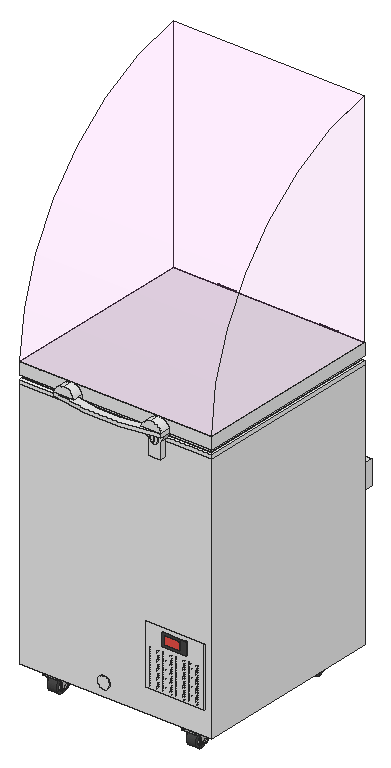
Revit family "QF_Summit_LAB8_Chest_Freezer", category Specialty Equipment, Revit 2020 (continued)
Definition of nested family "LAB8"
  Automatic sketch dimensions
    Extrusion 29 sketch curve to Extrusion 29 sketch curve = 0.04379"
    Extrusion 59 sketch curve to Extrusion 59 sketch curve = 1 3/32"
    Extrusion 59 sketch curve to Extrusion 59 sketch curve = 0.04379"
    Extrusion 60 sketch curve to Extrusion 60 sketch curve = 1 3/32"
    Extrusion 60 sketch curve to Extrusion 60 sketch curve = 0.04379"
    Extrusion 61 sketch curve to Extrusion 61 sketch curve = 1 3/32"
    Extrusion 61 sketch curve to Extrusion 61 sketch curve = 0.04379"
    Extrusion 62 sketch curve to Extrusion 62 sketch curve = 1 3/32"
    Extrusion 62 sketch curve to Extrusion 62 sketch curve = 0.04379"
    Extrusion 63 sketch curve to Extrusion 63 sketch curve = 1 3/32"
    Extrusion 63 sketch curve to Extrusion 63 sketch curve = 0.04379"
    Extrusion 64 sketch curve to Extrusion 64 sketch curve = 1 3/32"
    Extrusion 64 sketch curve to Extrusion 64 sketch curve = 0.04379"
    Extrusion 65 sketch curve to Extrusion 65 sketch curve = 1 3/32"
    Extrusion 65 sketch curve to Extrusion 65 sketch curve = 0.04379"
    Extrusion 66 sketch curve to Extrusion 66 sketch curve = 1 3/32"
    Extrusion 66 sketch curve to Extrusion 66 sketch curve = 0.04379"
    Extrusion 67 sketch curve to Extrusion 67 sketch curve = 1 3/32"
    Extrusion 67 sketch curve to Extrusion 67 sketch curve = 0.04379"
    Extrusion 68 sketch curve to Extrusion 68 sketch curve = 1 3/32"
    Extrusion 68 sketch curve to Extrusion 68 sketch curve = 0.04379"
    Extrusion 69 sketch curve to Extrusion 69 sketch curve = 1 3/32"
    Extrusion 69 sketch curve to Extrusion 69 sketch curve = 0.04379"
    Extrusion 70 sketch curve to Extrusion 70 sketch curve = 1 3/32"
    Extrusion 70 sketch curve to Extrusion 70 sketch curve = 0.04379"
    Extrusion 30 sketch curve to Extrusion 30 sketch curve = 1 3/32"
    Extrusion 30 sketch curve to Extrusion 30 sketch curve = 0.04379"
    Extrusion 31 sketch curve to Extrusion 31 sketch curve = 1 3/32"
    Extrusion 31 sketch curve to Extrusion 31 sketch curve = 0.04379"
    Extrusion 32 sketch curve to Extrusion 32 sketch curve = 1 3/32"
    Extrusion 32 sketch curve to Extrusion 32 sketch curve = 0.04379"
    Extrusion 33 sketch curve to Extrusion 33 sketch curve = 1 3/32"
    Extrusion 33 sketch curve to Extrusion 33 sketch curve = 0.04379"
    Extrusion 34 sketch curve to Extrusion 34 sketch curve = 1 3/32"
    Extrusion 34 sketch curve to Extrusion 34 sketch curve = 0.04379"
    Extrusion 71 sketch curve to Extrusion 71 sketch curve = 1 3/32"
    Extrusion 71 sketch curve to Extrusion 71 sketch curve = 0.04379"
    Extrusion 72 sketch curve to Extrusion 72 sketch curve = 1 3/32"
    Extrusion 72 sketch curve to Extrusion 72 sketch curve = 0.04379"
    Extrusion 73 sketch curve to Extrusion 73 sketch curve = 1 3/32"
    Extrusion 73 sketch curve to Extrusion 73 sketch curve = 0.04379"
    Extrusion 74 sketch curve to Extrusion 74 sketch curve = 1 3/32"
    Extrusion 74 sketch curve to Extrusion 74 sketch curve = 0.04379"
    Extrusion 75 sketch curve to Extrusion 75 sketch curve = 1 3/32"
    Extrusion 75 sketch curve to Extrusion 75 sketch curve = 0.04379"
    Extrusion 76 sketch curve to Extrusion 76 sketch curve = 1 3/32"
    Extrusion 76 sketch curve to Extrusion 76 sketch curve = 0.04379"
    Extrusion 77 sketch curve to Extrusion 77 sketch curve = 1 3/32"
    Extrusion 77 sketch curve to Extrusion 77 sketch curve = 0.04379"
    Extrusion 78 sketch curve to Extrusion 78 sketch curve = 1 3/32"
    Extrusion 78 sketch curve to Extrusion 78 sketch curve = 0.04379"
    Extrusion 79 sketch curve to Extrusion 79 sketch curve = 1 3/32"
    Extrusion 79 sketch curve to Extrusion 79 sketch curve = 0.04379"
    Extrusion 80 sketch curve to Extrusion 80 sketch curve = 1 3/32"
    Extrusion 80 sketch curve to Extrusion 80 sketch curve = 0.04379"
    Extrusion 81 sketch curve to Extrusion 81 sketch curve = 1 3/32"
    Extrusion 81 sketch curve to Extrusion 81 sketch curve = 0.04379"
    Extrusion 82 sketch curve to Extrusion 82 sketch curve = 1 3/32"
    Extrusion 82 sketch curve to Extrusion 82 sketch curve = 0.04379"
    curve 19 to plane 3 "LEFT" = 0"
    plane 1 "BACK" to curve 8 = 0"
    curve 18 to plane 4 "RIGHT" = 0"
    plane 1 "BACK" to curve 3 = 0.5759"
    plane 3 "LEFT" to curve 3 = 4.52583"
    curve 31 to plane 5 "FRONT" = 0.7967"
    plane 3 "LEFT" to curve 31 = 5.15894"
    curve 1 to curve 1 = 2.02668"
    curve 10 to curve 11 = 2 1/2"
    curve 11 to curve 20 = 1.96921"
    curve 21 to plane 7 "Center Y" = 0.74685"
    curve 14 to plane 7 "Center Y" = 1/16"
    curve 15 to plane 7 "Center Y" = 1/16"
    plane 7 "Center Y" to curve 24 = 3.72504"
    plane 1 "BACK" to curve 4 = 0.5759"
    plane 7 "Center Y" to curve 4 = 5.32248"
    curve 13 to plane 5 "FRONT" = 0.7967"
    curve 4 to curve 6 = 2.02668"
    curve 5 to curve 8 = 0.26852"
    curve 25 to curve 26 = 1.38238"
    curve 26 to curve 29 = 0.8987"
    plane 4 "RIGHT" to curve 9 = 0.95672"
    plane 4 "RIGHT" to curve 29 = 0.89996"
    curve 14 to curve 25 = 1.14871"
    curve 25 to curve 27 = 1/32"
    curve 20 to plane 5 "FRONT" = 2.00791"
    curve 27 to curve 28 = 1/32"
    curve 23 to plane 5 "FRONT" = 2.00791"
    curve 17 to plane 5 "FRONT" = 2.03916"
    plane 8 "Center X" to curve 15 = 0.82554"
    plane 1 "BACK" to curve 16 = 2.21084"
    curve 14 to plane 1 "BACK" = 0.17911"
    curve 23 to curve 24 = 0.36602"
    curve 15 to curve 24 = 0.58998"
    Extrusion 90 sketch curve to plane 6 "TOP" = 0"
    Extrusion 90 sketch curve to plane 5 "FRONT" = 2.03916"
    plane 1 "BACK" to Extrusion 90 sketch curve = 2.21084"
    Extrusion 90 sketch curve to plane 6 "TOP" = 0.69119"
    Extrusion 90 sketch curve to plane 1 "BACK" = 2.64476"
    radius of Extrusion 85 sketch curve = 1/2"
    radius of Extrusion 86 sketch curve to Extrusion 85 = 0"
    radius of Extrusion 88 sketch curve = 3/4"
    radius of Extrusion 89 sketch curve = 0.34875"
  Nested families (in)
    nested 1: "2.5 INCHES_CASTER" at (3.25, -25, 0), type "2.5 INCHES_CASTER"
      with Type Mark "", Specification by User "", Revision Code "", Item Number "", Installed By "", Identify Quantity as Lot yes, Furnished By "", Foodservice Equipment Identifier yes, 2.5 Inches Caster yes
    nested 2: "2.5 INCHES_CASTER" at (3.25, -6.75, 0), type "2.5 INCHES_CASTER"
      with Type Mark "", Specification by User "", Revision Code "", Item Number "", Installed By "", Identify Quantity as Lot yes, Furnished By "", Foodservice Equipment Identifier yes, 2.5 Inches Caster yes
    nested 3: "2.5 INCHES_CASTER" at (20.5, -25, 0) x (-1, 0, 0) z (0, 0, 1), type "2.5 INCHES_CASTER"
      with Type Mark "", Specification by User "", Revision Code "", Item Number "", Installed By "", Identify Quantity as Lot yes, Furnished By "", Foodservice Equipment Identifier yes, 2.5 Inches Caster yes
    nested 4: "2.5 INCHES_CASTER" at (20.5, -6.75, 0) x (-1, 0, 0) z (0, 0, 1), type "2.5 INCHES_CASTER"
      with Type Mark "", Specification by User "", Revision Code "", Item Number "", Installed By "", Identify Quantity as Lot yes, Furnished By "", Foodservice Equipment Identifier yes, 2.5 Inches Caster yes
  Definition of nested family "2.5 INCHES_CASTER"
    Parameters (values of type "2.5 INCHES_CASTER")
      Weight = ""
      URL Manufacturer = ""
      URL Cutsheet = ""
      URL = ""
      Type Mark [instance] = ""
      Specification by User [instance] = ""
      Specification by Manufacturer = ""
      Serial Number = ""
      Seismic Rating = ""
      SMACNA No = ""
      Revision Code [instance] = ""
      Omniclass Number and Title = ""
      NAFEM Spec ID Number = ""
      Model = ""
      MasterSpec. = ""
      Manufacturer = ""
      Item Number [instance] = ""
      Installed By [instance] = ""
      Identify Quantity as Lot [instance] = yes
      Furnished By [instance] = ""
      Foodservice Equipment Identifier [instance] = yes
      Description = ""
      Default Elevation = 0"
      CSI MasterFormat = ""
      CSI Master Format = ""
      Assembly Code = ""
      2.5 Inches Caster [instance] = yes
    Reference planes (in)
      plane 1: z = 0
      plane 2 "RIGHT": x = 0
      plane 3 "FRONT": y = 0
      plane 4 "TOP": z = 2.75
    Forms (in)
      Revolve 1, solid, visible <- "2.5 Inches Caster"
        sketch origin (-1.93794, 0.83816, -1.0041) x (1, 0, 0) y (0, 0, 1)
          loop
            line (0.74055, 1.92597) -> (0.74055, 1.85047) -> (0.79055, 1.80047) -> (0.85055, 1.80047) -> (0.85055, 1.6804) -> (1.235, 1.6804) -> (1.235, 1.61305) -> (1.38673, 1.52545) -> (1.4003, 1.4416) -> (1.34375, 1.4416) -> (1.34375, 1.3166) -> (1.375, 1.3166) -> (1.375, 1.0041) -> (2.48438, 1.0041) -> (2.48438, 1.3166) -> (2.51563, 1.3166) -> (2.51563, 1.4416) -> (2.45908, 1.4416) -> (2.47322, 1.52897) -> (2.62438, 1.61624) -> (2.62438, 1.6804) -> (3.04007, 1.6804) -> (3.04007, 1.80047) -> (3.10007, 1.80047) -> (3.15007, 1.85047) -> (3.15007, 1.92597) -> (0.74055, 1.92597)
          axis (0.74055, 1.92597) -> (3.15007, 1.92597)
        angle from 0 to 360
      Extrusion 2, solid, visible <- "2.5 Inches Caster"
        sketch origin (-1.93794, 1.80294, -3.2541) x (0, 1, 0) y (0, 0, 1)
          loop
            line (-0.64294, 5.43229) -> (-0.64294, 5.55298) -> (-2.21294, 5.55298) -> (-2.21294, 5.30272) -> (-1.81966, 5.30272)
            arc (-1.81966, 5.30272) -> (-1.13638, 5.20789) -> (-0.46376, 5.05475) r 8.02767
            arc (-0.46376, 5.05475) -> (-0.19511, 4.95469) -> (0.05138, 4.80832) r 1.60049
            line (0.05138, 4.80832) -> (0.12713, 4.91318)
            arc (0.12713, 4.91318) -> (-0.07255, 5.06376) -> (-0.29048, 5.18644) r 1.8753
            line (-0.29048, 5.18644) -> (-0.22239, 5.30423)
            arc (-0.22239, 5.30423) -> (-0.42776, 5.38437) -> (-0.64294, 5.43229) r 1.44292
        from 1.17357 to 2.70231
      Revolve 3, solid, visible <- "2.5 Inches Caster"
        sketch origin (0, 2.10856, -3.75) x (0, 1, 0) y (0, 0, 1)
          loop
            line (-1.73858, 6.5) -> (-1.73858, 6.04889) -> (-1.05793, 6.04889) -> (-1.05793, 6.5) -> (-1.73858, 6.5)
          axis (-1.73858, 6.04889) -> (-1.73858, 6.5)
        angle from 0 to 360
      Extrusion 4, solid, visible <- "2.5 Inches Caster"
        sketch origin (-1.98481, 1.80294, -1.7541) x (0, 1, 0) y (0, 0, 1)
          loop
            line (-2.21294, 4.05298) -> (-2.21294, 3.80272) -> (-2.13999, 3.80272)
            arc (-2.13999, 3.80272) -> (-1.62379, 3.51899) -> (-1.39241, 2.97729) r 0.90292
            arc (-1.39241, 2.97729) -> (-1.36136, 2.78161) -> (-1.29729, 2.59413) r 1.15385
            arc (-1.29729, 2.59413) -> (-0.94802, 2.37355) -> (-0.6121, 2.61396) r 0.37001
            arc (-0.6121, 2.61396) -> (-0.59625, 2.66241) -> (-0.58446, 2.712) r 0.61695
            arc (-0.58446, 2.712) -> (-0.36134, 3.11665) -> (0.05609, 3.31484) r 0.75313
            line (0.05609, 3.31484) -> (0.12713, 3.41318)
            arc (0.12713, 3.41318) -> (-0.07255, 3.56376) -> (-0.29048, 3.68644) r 1.8753
            line (-0.29048, 3.68644) -> (-0.22239, 3.80423)
            arc (-0.22239, 3.80423) -> (-0.42776, 3.88437) -> (-0.64294, 3.93229) r 1.44292
            line (-0.64294, 3.93229) -> (-0.64294, 4.05298) -> (-2.21294, 4.05298)
        from 2.74918 to 2.90825
      Extrusion 5, solid, visible <- "2.5 Inches Caster"
        sketch origin (1.98481, 1.80294, -1.7541) x (0, 1, 0) y (0, 0, -1)
          loop
            line (-2.21294, -4.05298) -> (-0.64294, -4.05298) -> (-0.64294, -3.93229)
            arc (-0.64294, -3.93229) -> (-0.42776, -3.88437) -> (-0.22239, -3.80423) r 1.44292
            line (-0.22239, -3.80423) -> (-0.29048, -3.68644)
            arc (-0.29048, -3.68644) -> (-0.07255, -3.56376) -> (0.12713, -3.41318) r 1.8753
            line (0.12713, -3.41318) -> (0.05609, -3.31484)
            arc (0.05609, -3.31484) -> (-0.36134, -3.11665) -> (-0.58446, -2.712) r 0.75313
            arc (-0.58446, -2.712) -> (-0.59625, -2.66241) -> (-0.6121, -2.61396) r 0.61695
            arc (-0.6121, -2.61396) -> (-0.94802, -2.37355) -> (-1.29729, -2.59413) r 0.37001
            arc (-1.29729, -2.59413) -> (-1.36136, -2.78161) -> (-1.39241, -2.97729) r 1.15385
            arc (-1.39241, -2.97729) -> (-1.62379, -3.51899) -> (-2.13999, -3.80272) r 0.90292
            line (-2.13999, -3.80272) -> (-2.21294, -3.80272) -> (-2.21294, -4.05298)
        from 2.74918 to 2.90825
    Lines and regions (in)
      symbolic lines, visible <- "2.5 Inches Caster"
        curve 1: line (0.10651, 1.96132, 0) -> (0.80944, 1.55548, 0)
        curve 2: line (-0.89349, 0.22927, 0) -> (0.10651, 1.96132, 0)
        curve 3: line (-0.19056, -0.17657, 0) -> (-0.89349, 0.22927, 0)
        curve 4: line (0.80944, 1.55548, 0) -> (-0.19056, -0.17657, 0)
    Dimensions and locks (in)
      plane 4 "TOP" to level = 2 3/4"  (x2)
      aligned and locked: level to plane 1
